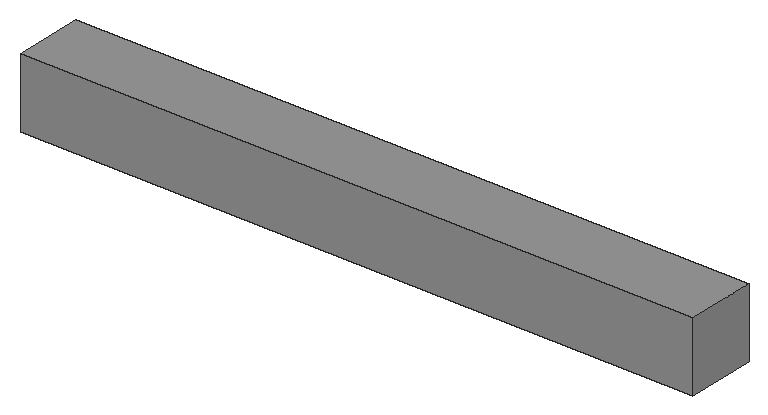
Revit family "63_UN_LF_Power Stripelite 6_LI", category Lighting Fixtures, Revit 2019
Family settings
  Round Connector Dimension = Use Diameter
  Part Type = Normal
  OmniClass Number = 23.80.70.11.14.11
  OmniClass Title = Downlights
  Work Plane-Based = No
  Always vertical = Yes
  Cut with Voids When Loaded = No
  Light Source = Yes
  Shared = No
  Room Calculation Point = Yes
Parameters (values of type "Power Stripelite 6 opaal")
  Wattage Comments = "8"
  Wattage = 3.36605 W
  built-in parameter 1150110 = 1 (stored number, unit not read)
  Voltage = 230 V
  URL = "https://lightinternational.nl/producten/opbouw-armaturen/power-stripelite/#38-power-stripelite-6"
  Type Comments = "Power Stripelite 6"
  built-in parameter 1114217 = 1 (stored number, unit not read)
  Tilt Angle = 90.00°
  built-in parameter 1150109 = 1 (stored number, unit not read)
  built-in parameter 1150134 = 3
  Symbol_ToScale [instance] = not(Symbol_RealSize)  # no
  Symbol_RealSize [instance] = yes
  Switch Code [instance] = ""
  built-in parameter 1150113 = 1 (stored number, unit not read)
  Photometric Web File = "PSL6_O_LDT.ies"
  Model = "Power Stripelite"
  Manufacturer = "Light International"
  built-in parameter 1150105 = 39.789 (stored number, unit not read)
  Luminous Flux (lm) = 1280 lm
  Lumens = 1280 lm
  built-in parameter 1150115 = 1 (stored number, unit not read)
  Luminaire Code [instance] = ""
  built-in parameter 1150137 = (empty or 0)
  built-in parameter 1150139 = (empty or 0)
  built-in parameter 1150112 = 1 (stored number, unit not read)
  built-in parameter 1150114 = 1 (stored number, unit not read)
  Lamp = "LED"
  L3 = 5 mm
  L2 = 65 mm
  L1 = 625 mm
  built-in parameter 1150132 = 2
  built-in parameter 1150102 = (empty or 0)
  built-in parameter 1150107 = 4000 (stored number, unit not read)
  built-in parameter 1150138 = (empty or 0)
  built-in parameter 1150106 = 0.39789 (stored number, unit not read)
  IfcExportType = "USERDEFINED"
  IfcExportAs = "IfcLightFixtureType"
  ISBN Code = "ISBNCODE"
  IP Value = "IP65"
  IK Value = "IK16"
  Housing_Material = Select RGB Value for different appearance
  H1 = 65 mm
  GTIN Code = "GTINCODE"
  Emit from Rectangle Width = L2 - (L3 * 2)  # 55 mm
  Emit from Rectangle Length = L1 - (L3 * 2)  # 615 mm
  Emit Shape Visible in Rendering = no
  built-in parameter 1150104 = 13.8 (stored number, unit not read)
  ETIM Code = "ETIMCODE"
  Dimming Lamp Color Temperature Shift = <None>
  Description = "DALI | 1-10V"
  Content Creator® = "www.ivlibrary.com"
  Color Filter = 16777215
  Calc_L2_Symbol = L2 / 100  # 0.65 mm
  Calc_L1_Symbol = L1 / 100  # 6.25 mm
  built-in parameter 1114218 = 1 (stored number, unit not read)
  built-in parameter 1150133 = 10 (stored number, unit not read)
  Assembly Code = "63.0"
  Apparent Load = 8 VA
Reference planes
  plane 1 "Center (Front/Back)": y = 0
  plane 2: z = 0
  plane 3 "Center (Left/Right)": x = 0
  plane 4: x = -307.5
  plane 5: x = 307.5
  plane 6: y = 27.5
  plane 7: y = -27.5
  plane 8: x = -312.5
  plane 9: x = 312.5
  plane 10: y = -32.5
  plane 11: y = 32.5
Lines and regions (mm)
  symbolic lines, visible <- "Symbol_RealSize"
    curve 1: line (-312.5, -32.5, 0) -> (312.5, -32.5, 0)
    curve 2: line (-312.5, 32.5, 0) -> (-312.5, -32.5, 0)
    curve 3: line (312.5, 32.5, 0) -> (-312.5, 32.5, 0)
    curve 4: line (312.5, -32.5, 0) -> (312.5, 32.5, 0)
Dimensions and locks
  equal spacing: plane 11, plane 1 "Center (Front/Back)", plane 10
  equal spacing: plane 8, plane 3 "Center (Left/Right)", plane 9
  "L1": plane 8 to plane 9
  "L2": plane 11 to plane 10
  "L3": plane 8 to plane 4
  "L3": plane 5 to plane 9
  "L3": plane 6 to plane 11
  "L3": plane 7 to plane 10
  "H1": level to imposter light
  aligned and locked: level to plane 2
  aligned and locked: level to nested 2
Automatic sketch dimensions
  curve 3 to plane 8 = 0 mm
  curve 1 to plane 9 = 0 mm
  curve 2 to plane 10 = 0 mm
  plane 11 to curve 2 = 0 mm
Nested families
  nested 1: "Parametric Light-Line Symbol" at (0, 0, 0), L1 <- "Calc_L1_Symbol", L2 <- "Calc_L2_Symbol", visible <- "Symbol_ToScale", type "Parametric LED Panel Symbol"
    with L2 0.65 mm, L1 6.25 mm
  nested 2: "SM Light-line Geometry" at (0, 0, 0), type "Type Catalog"
    with Symbol_ToScale no, Symbol_RealSize yes, Switch Code "", Luminaire Code "", L3 5 mm, L2 65 mm, L1 625 mm, H1 65 mm, Calc_L2_Symbol 0.65 mm, Calc_L1_Symbol 6.25 mm
Connectors
  electrical at (0, 0, 0), driven by "Voltage", driven by "Apparent Load"
    settings: index 1, voltage 230 V, apparent load 0 VA, apparent load phase1 8 VA, apparent load phase2 0 VA, apparent load phase3 0 VA, power factor 1, load classification "Lighting", number of poles 1, system type 31, power factor state 1, is connector primary yes, connector utility no, sub classification motor no, connector description ""
Definition of nested family "SM Light-line Geometry"
  Parameters (values of type "Type Catalog")
    Wattage Comments = "19W"
    Voltage = 230 V
    URL = "https://www.ivlibrary.com/"
    Type Comments = "TYPENAME"
    Symbol_ToScale [instance] = not(Symbol_RealSize)  # no
    Symbol_RealSize [instance] = yes
    Switch Code [instance] = ""
    Model = "FAMILYNAME"
    Manufacturer = "MANUFACTURER"
    Luminous Flux (lm) = 500 lm
    Luminaire Code [instance] = ""
    Lamp = "LED"
    LED Panel = yes
    L3 = 7.5 mm
    L2 = 100 mm
    L1 = 1500 mm
    IfcExportType = "USERDEFINED"
    IfcExportAs = "IfcLightFixtureType"
    ISBN Code = "ISBNCODE"
    IP Value = "IPVALUE"
    IK Value = "IKVALUE"
    Housing_Material = none
    H1 = 80 mm
    GTIN Code = "GTINCODE"
    ETIM Code = "ETIMCODE"
    Description = ""
    Content Creator® = "www.ivlibrary.com"
    Calc_L2_Symbol = L2 / 100  # 1 mm
    Calc_L1_Symbol = L1 / 100  # 15 mm
    Assembly Code = "63.0"
    Apparent Load = 19 VA
  Reference planes
    plane 1 "Center (Front/Back)": y = 0
    plane 2: z = 0
    plane 3 "Center (Left/Right)": x = 0
    plane 4: x = -742.5
    plane 5: x = 742.5
    plane 6: y = 42.5
    plane 7: y = -42.5
    plane 8: x = -750
    plane 9: x = 750
    plane 10: y = -50
    plane 11: y = 50
  Forms (mm)
    Extrusion 1, solid, material <- "Housing_Material"
      sketch origin (0, 0, -77) x (1, 0, 0) y (0, 1, 0)
        loop
          line (-742.5, 42.5) -> (-742.5, -42.5) -> (742.5, -42.5) -> (742.5, 42.5) -> (-742.5, 42.5)
      from -2.103 to 77
    Extrusion 2, solid, material <- "Housing_Material"
      sketch origin (0, 0, -243) x (1, 0, 0) y (0, 1, 0)
        loop
          line (-742.5, 42.5) -> (-742.5, -42.5) -> (742.5, -42.5) -> (742.5, 42.5) -> (-742.5, 42.5)
        loop
          line (-750, -50) -> (750, -50) -> (750, 50) -> (-750, 50) -> (-750, -50)
      from 243 to 163
    Extrusion 3, solid
      sketch origin (0, 0, -79.5) x (1, 0, 0) y (0, 1, 0)
        loop
          line (-742.5, 42.5) -> (-742.5, -42.5) -> (742.5, -42.5) -> (742.5, 42.5) -> (-742.5, 42.5)
      from 0.397 to -0.5
  Cuts and joins
    joined: Extrusion 1, Extrusion 2
  Lines and regions (mm)
    symbolic lines, visible <- "Symbol_RealSize"
      curve 1: line (-750, -50, 0) -> (750, -50, 0)
      curve 2: line (-750, 50, 0) -> (-750, -50, 0)
      curve 3: line (750, 50, 0) -> (-750, 50, 0)
      curve 4: line (750, -50, 0) -> (750, 50, 0)
  Dimensions and locks
    equal spacing: plane 11, plane 1 "Center (Front/Back)", plane 10
    equal spacing: plane 8, plane 3 "Center (Left/Right)", plane 9
    "L1": plane 8 to plane 9
    "L2": plane 11 to plane 10
    "L3": plane 8 to plane 4
    "L3": plane 5 to plane 9
    "L3": plane 6 to plane 11
    "L3": plane 7 to plane 10
    "H1": level to Extrusion 2
    Extrusion 1 to Extrusion 2 = 0.897 mm
    locked: Extrusion 3 to Extrusion 2 at 0.897
    aligned and locked: level to plane 2
    aligned and locked: level to Extrusion 2
    aligned and locked: Extrusion 2 to Extrusion 3
    aligned and locked: Extrusion 1 to Extrusion 3
  Automatic sketch dimensions
    curve 3 to plane 8 = 0 mm
    curve 3 to plane 9 = 0 mm
    curve 1 to plane 10 = 0 mm
    plane 11 to curve 3 = 0 mm
    Extrusion 1 sketch curve to plane 4 = 0 mm
    Extrusion 1 sketch curve to plane 5 = 0 mm
    Extrusion 1 sketch curve to plane 7 = 0 mm
    Extrusion 1 sketch curve to plane 6 = 0 mm
    Extrusion 2 sketch curve to plane 8 = 0 mm
    Extrusion 2 sketch curve to plane 4 = 0 mm
    Extrusion 2 sketch curve to plane 5 = 0 mm
    Extrusion 2 sketch curve to plane 9 = 0 mm
    Extrusion 2 sketch curve to plane 10 = 0 mm
    Extrusion 2 sketch curve to plane 7 = 0 mm
    Extrusion 2 sketch curve to plane 6 = 0 mm
    plane 11 to Extrusion 2 sketch curve = 0 mm
    Extrusion 3 sketch curve to plane 4 = 0 mm
    Extrusion 3 sketch curve to plane 5 = 0 mm
    Extrusion 3 sketch curve to plane 7 = 0 mm
    Extrusion 3 sketch curve to plane 6 = 0 mm
  Nested families
    nested 1: "Parametric Light-Line Symbol" at (0, 0, 0), L1 <- "Calc_L1_Symbol", L2 <- "Calc_L2_Symbol", visible <- "Symbol_ToScale", type "Parametric LED Panel Symbol"
      with L2 1 mm, L1 15 mm
  Connectors
    electrical at (0, 0, 0), driven by "Voltage", driven by "Apparent Load"
      settings: index 2, voltage 230 V, apparent load 0 VA, apparent load phase1 19 VA, apparent load phase2 0 VA, apparent load phase3 0 VA, power factor 1, load classification none, number of poles 1, system type 31, power factor state 1, is connector primary yes, connector utility no, sub classification motor no, connector description ""
  Definition of nested family "Parametric Light-Line Symbol"
    Parameters (values of type "Parametric LED Panel Symbol")
      L2 [instance] = 4.484 mm
      L1 [instance] = 6.437 mm
    Reference planes
      plane 1: y = 0
      plane 2: x = 0
    Lines and regions (mm)
      detail lines
        curve 1: line (-3.219, 2.242, 0) -> (3.219, 2.242, 0)
        curve 2: line (-3.219, -2.242, 0) -> (-3.219, 2.242, 0)
        curve 3: line (3.219, -2.242, 0) -> (-3.219, -2.242, 0)
        curve 4: line (3.219, 2.242, 0) -> (3.219, -2.242, 0)
    Dimensions and locks
      equal spacing: curve 2, plane 2, curve 4
      equal spacing: curve 3, plane 1, curve 1
      "L1": curve 2 to curve 4
      "L2": curve 3 to curve 1
Definition of nested family "Parametric Light-Line Symbol"
  Parameters (values of type "Parametric LED Panel Symbol")
    L2 [instance] = 4.484 mm
    L1 [instance] = 6.437 mm
  Reference planes
    plane 1: y = 0
    plane 2: x = 0
  Lines and regions (mm)
    detail lines
      curve 1: line (-3.219, 2.242, 0) -> (3.219, 2.242, 0)
      curve 2: line (-3.219, -2.242, 0) -> (-3.219, 2.242, 0)
      curve 3: line (3.219, -2.242, 0) -> (-3.219, -2.242, 0)
      curve 4: line (3.219, 2.242, 0) -> (3.219, -2.242, 0)
  Dimensions and locks
    equal spacing: curve 2, plane 2, curve 4
    equal spacing: curve 3, plane 1, curve 1
    "L1": curve 2 to curve 4
    "L2": curve 3 to curve 1
